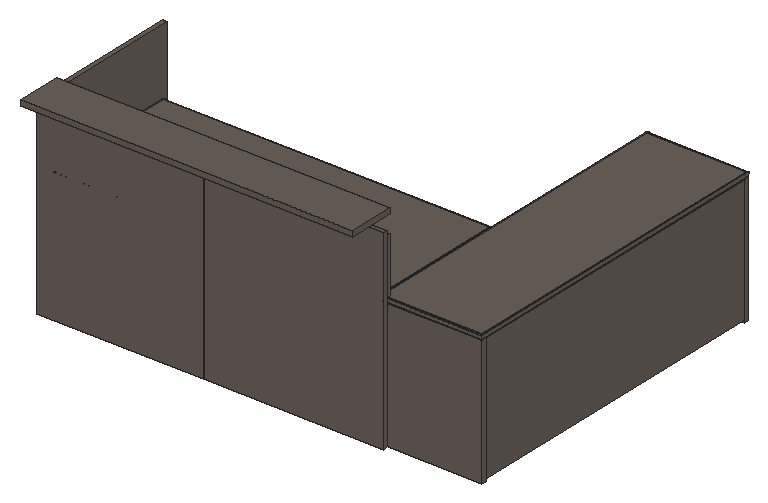
Revit family "OFS TYPICAL T100184", category Furniture, Revit 2022
Family settings
  OmniClass Number = 23.40.20.00
  OmniClass Title = General Furniture and Specialties
  Work Plane-Based = No
  Always vertical = Yes
  Cut with Voids When Loaded = No
  Render Appearance Source = Family Geometry
  Shared = No
  Room Calculation Point = No
Parameters (values of type "T100184")
  URL = "https://ofs.com/"
  Model = "T100184"
  Manufacturer = "OFS"
  Description = "OFS TYPICAL T100184"
  Default Elevation = 0.00"
  Copyright © = "©OFS 2021"
  Catalog = "https://ofs.com/2020-experience"
  Authoring Version = "Autodesk Revit Architecture 2015"
  Assembly Code = "E2020400"
Reference planes (in)
  plane 1 "Center Front/Back": y = 0
  plane 2: z = 0
  plane 3 "Center Left/Right": x = 0
Dimensions and locks (in)
  nested 9 to nested 7 = 74.00"
  aligned and locked: level to plane 2
Nested families (in)
  nested 1: "STAKS END PANELS" at (52, -30.70979, 0), type "STAKS END PANEL 28 X 22"
  nested 2: "STAKS END PANELS" at (52, 40.29021, 0), type "STAKS END PANEL 28 X 22"
  nested 3: "STAKS BACK SUPPORT PANEL" at (57.12535, 8.41556, 0.53663) x (0, 1, 0) z (0, 0, 1), type "STAKS BACK SUPPORT PANEL 78 - 54.125 X 28"
    with Width 70.00"
  nested 4: "STAKS BENCHING RECTANGULAR WORKSURFACES" at (32.66635, -37.63942, 0) x (0, 1, 0) z (0, 0, 1), type "STAKS BENCHING RECTANGULAR WORKSURFACE 72 X 22"
  nested 5: "STAKS BENCHING RECTANGULAR WORKSURFACES" at (-44.05498, 1.74921, 0), type "STAKS BENCHING RECTANGULAR WORKSURFACE 71 X 30"
    with SURFACE DEPTH 30.00", SURFACE WIDTH 71.00"
  nested 6: "STAKS WORKSURFACE HEIGHT MULTI FILE PEDESTAL - NO RISER SUPPORT" at (33.99397, 46.89268, 0) x (0, -1, 0) z (0, 0, 1), type "STAKS WORKSURFACE HEIGHT MULTI FILE PEDESTAL 30 x 19 Left"
  nested 7: "STAKS SPINE OR DIVIDER WALL 42in" at (-40.83365, -37.63942, 0) x (0, 1, 0) z (0, 0, 1), type "STAKS SPINE OR DIVIDER WALL 42in X 33in"
    with Height Above Floor 42.00"
  nested 8: "STAKS SPINE OR DIVIDER WALL 42in" at (-46.55498, -28.25079, 0), type "STAKS SPINE OR DIVIDER WALL 42in X 36in"
    with Height Above Floor 42.00"
  nested 9: "STAKS SPINE OR DIVIDER WALL 42in" at (-10.55498, -28.25079, 0), type "STAKS SPINE OR DIVIDER WALL 42in X 39in"
    with Height Above Floor 42.00"
  nested 10: "STAKS TRANSACTION SHELF" at (13.50946, -28.45977, -5.38188), type "STAKS TRANSACTION SHELF 72in"
  nested 11: "STAKS BENCHING 4 X 4 CLAMP PLATE" at (51, -8.61604, 0), type "STAKS BENCHING 4 X 4 CLAMP PLATE"
  nested 12: "STAKS BENCHING 4 X 4 CLAMP PLATE" at (51, -17.11604, 0), type "STAKS BENCHING 4 X 4 CLAMP PLATE"
  nested 13: "STAKS BENCHING 4 X 4 CLAMP PLATE" at (51, -25.61604, 0), type "STAKS BENCHING 4 X 4 CLAMP PLATE"
  nested 14: "STAKS FABRIC TACKBOARD FOR SPINE OR DIVIDER WALL" at (-45.55498, -27.62569, -6.37394), type "STAKS FABRIC TACKBOARD FOR SPINE OR DIVIDER WALL 18H x 49-73.9375W. 2"
    with Height Above Floor 47.50", Height 12.00", Width 74.00"
  nested 15: "STAKS BENCHING CANTILEVER WORKSURFACE BRACKET - OPEN" at (-16.5, -27.20909, 0) x (-1, 0, 0) z (0, 0, 1), type "CANTILEVER WORKSURFACE BRACKET - OPEN 30in"
  nested 16: "STAKS BENCHING CANTILEVER WORKSURFACE BRACKET - OPEN" at (12, -27.20909, 0) x (-1, 0, 0) z (0, 0, 1), type "CANTILEVER WORKSURFACE BRACKET - OPEN 30in"
  nested 17: "STAKS BENCHING PRESS FIT BRACKET" at (-1.12465, -14.08444, 14.25) x (0, 1, 0) z (0, 0, 1), type "STAKS BENCHING PRESS FIT BRACKET"
  nested 18: "STAKS BENCHING PRESS FIT BRACKET" at (16.87535, -14.08444, 14.25) x (0, 1, 0) z (0, 0, 1), type "STAKS BENCHING PRESS FIT BRACKET"
  nested 19: "STAKS BENCHING PRESS FIT BRACKET" at (-19.12465, -14.08444, 14.25) x (0, 1, 0) z (0, 0, 1), type "STAKS BENCHING PRESS FIT BRACKET"
  nested 20: "STAKS BENCHING CANTILEVER WORKSURFACE BRACKET - MINI CONCEALED" at (-49.25, -27.20909, 0) x (-1, 0, 0) z (0, 0, 1), type "STAKS CANTILEVER WORKSURFACE BRACKET - MINI CONCEALED"
  nested 21: "STAKS BENCHING CANTILEVER WORKSURFACE BRACKET - MINI CONCEALED" at (-35.12021, 12.66556, 0) x (0, 1, 0) z (0, 0, 1), type "STAKS CANTILEVER WORKSURFACE BRACKET - MINI CONCEALED"
Definition of nested family "STAKS END PANELS"
  Parameters (values of type "STAKS END PANEL 28 X 22")
    URL = "http://www.ofs.com"
    Width = 22.00"
    Model = "6-2822TEP"
    Manufacturer = "OFS"
    Height = 27.875"
    Description = "28 X 22 SUPPORT END PANEL"
    Default Elevation = 0.00"
    Copyright © = "©OFS 2018"
    Catalog = "https://ofs.com/products/casegoods/private-office/staks"
    Authoring Version = "Autodesk Revit Architecture 2018"
    Assembly Code = "E2020200"
  Types (6): name | Width | Model | Height | Description
    STAKS END PANEL 28 X 22 | 22.00" | "6-2822TEP" | 27.875" | "28 X 22 SUPPORT END PANEL"
    STAKS END PANEL 28 X 30 | 30.00" | "6-2830TEP" | 27.875" | "28 X 30 SUPPORT END PANEL"
    STAKS END PANEL 28 X 36 | 36.00" | "6-2836TEP" | 27.875" | "28 X 36 SUPPORT END PANEL"
    STAKS END PANEL 28 X 22 MEP | 22.00" | "6-2822MEP" | 27.875" | "28 X 22 SUPPORT END PANEL MEP"
    STAKS END PANEL 21 x 22 | 22.00" | "6-2122TEP" | 21.875" | "21 X 22 SUPPORT END PANEL"
    STAKS END PANEL 21 X 22 MEP | 22.00" | "6-2122MEP" | 21.875" | "21 X 22 SUPPORT END PANEL MEP"
  Reference planes (in)
    plane 1: z = 0
    plane 2 "Back": y = 1.62535
    plane 3 "PANEL Top": z = 27.375
    plane 4 "RIGHT": x = -6.5
    plane 5: y = 0.62535
    plane 6: x = 4.5
    plane 7: x = -17.5
    plane 8: z = 27.875
    plane 9: x = 4.375
    plane 10: x = -17.375
  Forms (in)
    Extrusion 1, solid
      sketch origin (-5.5, 5, -0.18015) x (0, 1, 0) y (0, 0, 1)
        loop
          line (-4.37465, 28.05515) -> (-4.37465, 0.18015) -> (-3.37465, 0.18015) -> (-3.37465, 28.05515) -> (-4.37465, 28.05515)
      from -12 to 10
    Extrusion 2, solid
      sketch origin (0, 0, 27.375) x (-1, 0, 0) y (0, -1, 0)
        loop
          line (17.375, -1.50035) -> (17.375, -0.75035) -> (-4.375, -0.75035) -> (-4.375, -1.50035) -> (17.375, -1.50035)
      from 0.5 to 0
  Lines and regions (in)
    Masking region 1
      outline origin (-5.5, 0, 0) x (1, 0, 0) y (0, 1, 0)
        loop
          line (-12, 1.62535) -> (-12, 0.62535) -> (10, 0.62535) -> (10, 1.62535) -> (-12, 1.62535)
  Dimensions and locks (in)
    locked: plane 5 to plane 2 "Back" at 1
    equal spacing: plane 7, plane 4 "RIGHT", plane 6
    "Width": plane 7 to plane 6
    locked: plane 7 to plane 10 at 0.125
    locked: plane 9 to plane 6 at 0.125
    "Height": plane 8 to level
    locked: plane 8 to plane 3 "PANEL Top" at 0.5
    aligned and locked: level to plane 1
    aligned and locked: plane 5 to Extrusion 1
    aligned and locked: plane 5 to Masking region 1
    aligned and locked: Masking region 1 to plane 2 "Back"
    aligned and locked: Extrusion 1 to plane 2 "Back"
    aligned and locked: plane 6 to Masking region 1
    aligned and locked: plane 6 to Extrusion 1
    aligned and locked: Extrusion 1 to plane 7
    aligned and locked: Masking region 1 to plane 7
    aligned: plane 3 "PANEL Top" to Extrusion 1
    aligned and locked: plane 8 to Extrusion 1
    aligned and locked: Extrusion 2 sketch curve to plane 10
    aligned and locked: plane 9 to Extrusion 2 sketch curve
    aligned and locked: Extrusion 2 to plane 8
    aligned and locked: plane 3 "PANEL Top" to Extrusion 2
  Automatic sketch dimensions
    plane 3 "PANEL Top" to Extrusion 1 sketch curve = 0.50"
    Extrusion 1 sketch curve to plane 5 = 0.00"
    Extrusion 1 sketch curve to level = 0.00"
    Extrusion 1 sketch curve to plane 2 "Back" = 0.00"
    plane 5 to Masking region 1 sketch curve = 0.00"
    Masking region 1 sketch curve to plane 7 = 0.00"
    plane 2 "Back" to Masking region 1 sketch curve = 0.00"
    Masking region 1 sketch curve to plane 6 = 0.00"
    plane 2 "Back" to Extrusion 2 sketch curve = 0.125"
    Extrusion 2 sketch curve to plane 5 = 0.125"
Definition of nested family "STAKS BACK SUPPORT PANEL"
  Parameters (values of type "STAKS BACK SUPPORT PANEL WITH FOLD DOWN ACCESS 30 - 12 X 28")
    URL = "http://www.ofs.com"
    Width [instance] = 30.00"
    Model = "6-28MFBD"
    Manufacturer = "OFS"
    FULL PANEL 21 = no
    FULL PANEL = no
    FOLD DOWN 54.125+ = no
    FOLD DOWN 54- = yes
    Description = "OFS STAKS BACK SUPPORT PANEL WITH FOLD DOWN ACCESS 30 - 12 X 28, Provides Support for Worksurface and Easy Access to Power and Data"
    Default Elevation = 0.00"
    Copyright © = "©OFS 2018"
    Catalog = "https://ofs.com/products/casegoods/private-office/staks"
    Authoring Version = "Autodesk Revit Architecture 2013"
    Assembly Code = "E2020200"
  Types (12): name | Width | Model | FULL PANEL 21 | FULL PANEL | FOLD DOWN 54.125+ | FOLD DOWN 54- | Description
    STAKS BACK SUPPORT PANEL 94 - 78.125 X 28 | 94.00" | "6-28MCBA" | no | yes | no | no | "OFS STAKS BACK SUPPORT PANEL 94 - 78.125 X 28, Provides Support for Worksurface"
    STAKS BACK SUPPORT PANEL 78 - 54.125 X 28 | 78.00" | "6-28MCBB" | no | yes | no | no | "OFS STAKS BACK SUPPORT PANEL 78 - 54.125 X 28, Provides Support for Worksurface"
    STAKS BACK SUPPORT PANEL 54 - 30.125 X 28 | 54.00" | "6-28MCBC" | no | yes | no | no | "OFS STAKS BACK SUPPORT PANEL 54 - 30.125 X 28, Provides Support for Worksurface"
    STAKS BACK SUPPORT PANEL 30 - 12 X 28 | 30.00" | "6-28MCBD" | no | yes | no | no | "OFS STAKS BACK SUPPORT PANEL 30 - 12 X 28, Provides Support for Worksurface"
    STAKS BACK SUPPORT PANEL WITH FOLD DOWN ACCESS 94 - 78.125 X 28 | 94.00" | "6-28MFBA" | no | no | yes | no | "OFS STAKS BACK SUPPORT PANEL WITH FOLD DOWN ACCESS 94 - 78.125 X 28, Provides Support for Worksurface and Easy Access to Power and Data"
    STAKS BACK SUPPORT PANEL WITH FOLD DOWN ACCESS 78 - 54.125 X 28 | 78.00" | "6-28MFBB" | no | no | yes | no | "OFS STAKS BACK SUPPORT PANEL WITH FOLD DOWN ACCESS 78 - 54.125 X 28, Provides Support for Worksurface and Easy Access to Power and Data"
    STAKS BACK SUPPORT PANEL WITH FOLD DOWN ACCESS 54 - 30.125 X 28 | 54.00" | "6-28MFBC" | no | no | no | yes | "OFS STAKS BACK SUPPORT PANEL WITH FOLD DOWN ACCESS 54 - 30.125 X 28, Provides Support for Worksurface and Easy Access to Power and Data"
    STAKS BACK SUPPORT PANEL WITH FOLD DOWN ACCESS 30 - 12 X 28 | 30.00" | "6-28MFBD" | no | no | no | yes | "OFS STAKS BACK SUPPORT PANEL WITH FOLD DOWN ACCESS 30 - 12 X 28, Provides Support for Worksurface and Easy Access to Power and Data"
    STAKS BACK SUPPORT PANEL 30 - 12 X 21 | 30.00" | "6-21MCBD" | yes | no | no | no | "OFS STAKS BACK SUPPORT PANEL 30 - 12 X 21, Provides Support for Worksurface"
    STAKS BACK SUPPORT PANEL 54 - 30.125 X 21 | 54.00" | "6-21MCBC" | yes | no | no | no | "OFS STAKS BACK SUPPORT PANEL 54 - 30.125 X 21, Provides Support for Worksurface"
    STAKS BACK SUPPORT PANEL 78 - 54.125 X 21 | 78.00" | "6-21MCBB" | yes | no | no | no | "OFS STAKS BACK SUPPORT PANEL 78 - 54.125 X 21, Provides Support for Worksurface"
    STAKS BACK SUPPORT PANEL 94 - 78.125 X 21 | 94.00" | "6-21MCBA" | yes | no | no | no | "OFS STAKS BACK SUPPORT PANEL 94 - 78.125 X 21, Provides Support for Worksurface"
  Reference planes (in)
    plane 1: z = 0
    plane 2 "Back": y = 1.62535
    plane 3 "PANEL Top": z = 27.375
    plane 4 "RIGHT": x = -2.5
    plane 5: y = 0.62535
    plane 6: x = 12.5
    plane 7: x = -17.5
    plane 8: z = 27.25
    plane 9: y = 0.87535
    plane 10: x = -16.75
    plane 11: x = 11.75
    plane 12: x = -2.4375
    plane 13: x = -2.5625
    plane 14: z = 20.375
    plane 15: z = 20.25
  Forms (in)
    Extrusion 1, solid, visible <- "FULL PANEL"
      sketch origin (-5.5, 5, -0.18015) x (0, 1, 0) y (0, 0, 1)
        loop
          line (-4.37465, 27.43015) -> (-4.37465, 0.18015) -> (-3.37465, 0.18015) -> (-3.37465, 27.43015) -> (-4.37465, 27.43015)
      from -12 to 18
    Extrusion 2, solid, visible <- "FULL PANEL"
      sketch origin (0, 0, 27.375) x (-1, 0, 0) y (0, -1, 0)
        loop
          line (17.5, -1.50035) -> (17.5, -0.62535) -> (-12.5, -0.62535) -> (-12.5, -1.50035) -> (17.5, -1.50035)
      from -0.125 to 0
    Extrusion 3, solid, visible <- "FOLD DOWN 54-"
      sketch origin (-5.5, 3.5, -0.18015) x (0, 1, 0) y (0, 0, 1)
        loop
          line (-2.62465, 14.68015) -> (-2.62465, 0.18015) -> (-1.87465, 0.18015) -> (-1.87465, 14.68015) -> (-2.62465, 14.68015)
      from -12 to 18
    Extrusion 4, solid, visible <- "FOLD DOWN 54-"
      sketch origin (0, 0, 27.375) x (-1, 0, 0) y (0, -1, 0)
        loop
          line (17.5, -1.62535) -> (16.75, -1.62535) -> (16.75, -4.87535) -> (17.5, -4.87535) -> (17.5, -1.62535)
      from -27.375 to 0
    Extrusion 5, solid, visible <- "FOLD DOWN 54-"
      sketch origin (19.75, 0, 27.375) x (-1, 0, 0) y (0, -1, 0)
        loop
          line (8, -1.62535) -> (7.25, -1.62535) -> (7.25, -4.87535) -> (8, -4.87535) -> (8, -1.62535)
      from -27.375 to 0
    Extrusion 6, solid, visible <- "FOLD DOWN 54-"
      sketch origin (-5.5, 3.5, 14.94485) x (0, 1, 0) y (0, 0, 1)
        loop
          line (-2.62465, 11.86765) -> (-2.62465, -0.31866) -> (-1.87465, -0.31866) -> (-1.87465, 11.86765) -> (-2.62465, 11.86765)
      from -12 to 18
    Extrusion 7, solid, visible <- "FOLD DOWN 54-"
      sketch origin (-12, 0, 0) x (0, 1, 0) y (0, 0, 1)
        loop
          line (3.06285, 23.8125) -> (3.06285, 21.3125) -> (3.81285, 21.3125) -> (3.81285, 23.8125) -> (3.06285, 23.8125)
      from -4.75 to 23.75
    Extrusion 8, solid, visible <- "FOLD DOWN 54.125+"
      sketch origin (31.33195, -1.24965, 0) x (1, 0, 0) y (0, 0, 1)
        loop
          line (-33.34745, 27.375) -> (-34.97245, 27.375)
          arc (-34.97245, 27.375) -> (-35.10503, 27.32008) -> (-35.15995, 27.1875) r 0.1875
          line (-35.15995, 27.1875) -> (-35.15995, 26.4375) -> (-34.68651, 23.65604)
          arc (-34.68651, 23.65604) -> (-34.62261, 23.54423) -> (-34.50166, 23.5) r 0.1875
          line (-34.50166, 23.5) -> (-33.81823, 23.5)
          arc (-33.81823, 23.5) -> (-33.69728, 23.54423) -> (-33.63339, 23.65604) r 0.1875
          line (-33.63339, 23.65604) -> (-33.15995, 26.4375) -> (-33.15995, 27.1875)
          arc (-33.15995, 27.1875) -> (-33.21486, 27.32008) -> (-33.34745, 27.375) r 0.1875
      from -5.375 to -5.281
    Extrusion 9, solid, visible <- "FOLD DOWN 54.125+"
      sketch origin (31.33195, 0, 27.375) x (-1, 0, 0) y (0, -1, 0)
        loop
          line (33.78495, -4.03135) -> (34.53495, -4.03135) -> (34.53495, 8.71865) -> (33.78495, 8.71865) -> (33.78495, -4.03135)
      from -0.094 to 0
    Extrusion 10, solid, visible <- "FOLD DOWN 54.125+"
      sketch origin (-2.547, 5.375, 0) x (0, 1, 0) y (0, 0, 1)
        loop
          line (-14.09365, 27.281) -> (-14.09365, 26.95909)
          arc (-14.09365, 26.95909) -> (-14.0421, 26.82996) -> (-13.9158, 26.77184) r 0.1875
          line (-13.9158, 26.77184) -> (-2.68889, 26.19362) -> (-1.84365, 24.381) -> (-1.34365, 24.381) -> (-1.34365, 27.281) -> (-14.09365, 27.281)
      from 0 to 0.094
    Extrusion 11, solid, visible <- "FOLD DOWN 54.125+"
      sketch origin (0.75035, 21.62535, 27.375) x (0, -1, 0) y (1, 0, 0)
        loop
          line (17.5, -1.62535) -> (16.75, -1.62535) -> (16.75, -4.87535) -> (17.5, -4.87535) -> (17.5, -1.62535)
      from -27.375 to 0
    Extrusion 12, solid, visible <- "FOLD DOWN 54.125+"
      sketch origin (-12, -1, 0) x (0, 1, 0) y (0, 0, 1)
        loop
          line (4.06285, 23.8125) -> (4.06285, 21.3125) -> (4.81285, 21.3125) -> (4.81285, 23.8125) -> (4.06285, 23.8125)
      from -4.75 to 23.75
    Extrusion 13, solid, visible <- "FOLD DOWN 54.125+"
      sketch origin (3, -1, 0) x (0, 1, 0) y (0, 0, 1)
        loop
          line (4.06285, 23.8125) -> (4.06285, 21.3125) -> (4.81285, 21.3125) -> (4.81285, 23.8125) -> (4.06285, 23.8125)
      from -5.125 to 8.75
    Extrusion 14, solid, visible <- "FOLD DOWN 54.125+"
      sketch origin (14.625, 0, 15.375) x (-1, 0, 0) y (0, -1, 0)
        loop
          line (17.5, -1.62535) -> (16.75, -1.62535) -> (16.75, -4.12535) -> (17.5, -4.12535) -> (17.5, -1.62535)
      from -15.375 to -2
    Extrusion 15, solid, visible <- "FOLD DOWN 54.125+"
      sketch origin (-5.5, 2.25, 14.94485) x (0, 1, 0) y (0, 0, 1)
        loop
          line (-1.37465, 11.86765) -> (-1.37465, -0.31866) -> (-0.62465, -0.31866) -> (-0.62465, 11.86765) -> (-1.37465, 11.86765)
      from 3.0625 to 18
    Extrusion 16, solid, visible <- "FOLD DOWN 54.125+"
      sketch origin (-21.5, 2.25, 14.94485) x (0, 1, 0) y (0, 0, 1)
        loop
          line (-1.37465, 11.86765) -> (-1.37465, -0.31866) -> (-0.62465, -0.31866) -> (-0.62465, 11.86765) -> (-1.37465, 11.86765)
      from 4 to 18.9375
    Extrusion 17, solid, visible <- "FOLD DOWN 54.125+"
      sketch origin (-5.5, -3.75, -0.18015) x (0, 1, 0) y (0, 0, 1)
        loop
          line (4.62535, 14.68015) -> (4.62535, 0.18015) -> (5.37535, 0.18015) -> (5.37535, 14.68015) -> (4.62535, 14.68015)
      from -12 to 18
    Extrusion 18, solid, visible <- "FOLD DOWN 54.125+"
      sketch origin (23.42705, 0, 27.375) x (-1, 0, 0) y (0, -1, 0)
        loop
          line (11.67705, -1.62535) -> (10.92705, -1.62535) -> (10.92705, -4.87535) -> (11.67705, -4.87535) -> (11.67705, -1.62535)
      from -27.375 to 0
    Extrusion 19, solid, visible <- "FOLD DOWN 54.125+"
      sketch origin (2.62389, 0, 27.375) x (-1, 0, 0) y (0, -1, 0)
        loop
          line (20.12389, -1.62535) -> (19.37389, -1.62535) -> (19.37389, -4.87535) -> (20.12389, -4.87535) -> (20.12389, -1.62535)
      from -27.375 to 0
    Extrusion 20, solid, visible <- "FOLD DOWN 54.125+"
      sketch origin (0, 0, 27.375) x (-1, 0, 0) y (0, -1, 0)
        loop
          line (2.875, -1.62535) -> (2.125, -1.62535) -> (2.125, -3.12535) -> (2.875, -3.12535) -> (2.875, -1.62535)
      from -14 to -12
    Extrusion 21, solid, visible <- "FOLD DOWN 54.125+"
      sketch origin (0, 0, 27.375) x (-1, 0, 0) y (0, -1, 0)
        loop
          line (2.125, -4.12535) -> (2.875, -4.12535) -> (2.875, -1.62535) -> (2.125, -1.62535) -> (2.125, -4.12535)
      from -12 to -3.5625
    Extrusion 22, solid, visible <- "FULL PANEL 21"
      sketch origin (-5.5, 5, -0.18015) x (0, 1, 0) y (0, 0, 1)
        loop
          line (-4.37465, 20.43015) -> (-4.37465, 0.18015) -> (-3.37465, 0.18015) -> (-3.37465, 20.43015) -> (-4.37465, 20.43015)
      from -12 to 18
    Extrusion 23, solid, visible <- "FULL PANEL 21"
      sketch origin (0, 0, 27.375) x (-1, 0, 0) y (0, -1, 0)
        loop
          line (17.5, -1.50035) -> (17.5, -0.62535) -> (-12.5, -0.62535) -> (-12.5, -1.50035) -> (17.5, -1.50035)
      from -7.125 to -7
  Cuts and joins
    joined: Extrusion 9, Extrusion 10
    joined: Extrusion 14, Extrusion 20, Extrusion 21
  Lines and regions (in)
    Masking region 1, visible <- "FULL PANEL"
      outline origin (-5.5, 0, 0) x (1, 0, 0) y (0, 1, 0)
        loop
          line (-12, 1.62535) -> (-12, 0.62535) -> (18, 0.62535) -> (18, 1.62535) -> (-12, 1.62535)
    Masking region 2, visible <- "FOLD DOWN 54-"
      outline origin (-5.5, -2.25, 0) x (1, 0, 0) y (0, 1, 0)
        loop
          line (-12, 3.87535) -> (-12, 3.12535) -> (18, 3.12535) -> (18, 3.87535) -> (-12, 3.87535)
    Masking region 3, visible <- "FOLD DOWN 54-"
      outline origin (0, 0, 27.375) x (-1, 0, 0) y (0, -1, 0)
        loop
          line (17.5, -1.62535) -> (16.75, -1.62535) -> (16.75, -4.87535) -> (17.5, -4.87535) -> (17.5, -1.62535)
    Masking region 4, visible <- "FOLD DOWN 54-"
      outline origin (0, 0, 27.375) x (-1, 0, 0) y (0, -1, 0)
        loop
          line (-11.75, -1.62535) -> (-12.5, -1.62535) -> (-12.5, -4.87535) -> (-11.75, -4.87535) -> (-11.75, -1.62535)
    Masking region 5, visible <- "FOLD DOWN 54-"
      outline origin (0, 0, 27.375) x (-1, 0, 0) y (0, -1, 0)
        loop
          line (16.75, -3.81285) -> (16.75, -3.06285) -> (-11.75, -3.06285) -> (-11.75, -3.81285) -> (16.75, -3.81285)
    Masking region 6, visible <- "FOLD DOWN 54.125+"
      outline origin (0.75035, 21.62535, 27.375) x (0, -1, 0) y (1, 0, 0)
        loop
          line (17.5, -1.62535) -> (16.75, -1.62535) -> (16.75, -4.87535) -> (17.5, -4.87535) -> (17.5, -1.62535)
    Masking region 7, visible <- "FOLD DOWN 54.125+"
      outline origin (0, -1, 27.375) x (-1, 0, 0) y (0, -1, 0)
        loop
          line (16.75, -4.81285) -> (16.75, -4.06285) -> (3.203, -4.06285) -> (3.203, -4.81285) -> (16.75, -4.81285)
    Masking region 8, visible <- "FOLD DOWN 54.125+"
      outline origin (15, -1, 27.375) x (-1, 0, 0) y (0, -1, 0)
        loop
          line (17.125, -4.81285) -> (17.125, -4.06285) -> (3.25, -4.06285) -> (3.25, -4.81285) -> (17.125, -4.81285)
    Masking region 9, visible <- "FOLD DOWN 54.125+"
      outline origin (3.67705, 0, 27.375) x (-1, 0, 0) y (0, -1, 0)
        loop
          line (-8.07295, -1.62535) -> (-8.82295, -1.62535) -> (-8.82295, -4.87535) -> (-8.07295, -4.87535) -> (-8.07295, -1.62535)
    Masking region 10, visible <- "FOLD DOWN 54.125+"
      outline origin (1.37389, 0, 27.375) x (-1, 0, 0) y (0, -1, 0)
        loop
          line (18.87389, -1.62535) -> (18.12389, -1.62535) -> (18.12389, -4.87535) -> (18.87389, -4.87535) -> (18.87389, -1.62535)
    Masking region 11, visible <- "FOLD DOWN 54.125+"
      outline origin (0, 0, 27.375) x (-1, 0, 0) y (0, -1, 0)
        loop
          line (2.125, -4.12535) -> (2.453, -4.12535) -> (2.453, -1.62535) -> (2.125, -1.62535) -> (2.125, -4.12535)
    Masking region 12, visible <- "FOLD DOWN 54.125+"
      outline origin (0, 0, 27.375) x (-1, 0, 0) y (0, -1, 0)
        loop
          line (3.828, -4.12535) -> (3.828, -4.03135) -> (3.203, -4.03135) -> (3.203, 8.71865) -> (2.453, 8.71865) -> (2.453, -4.03135) -> (1.828, -4.03135) -> (1.828, -4.12535) -> (3.828, -4.12535)
    Masking region 13, visible <- "FOLD DOWN 54.125+"
      outline origin (-5.5, -10.25, 0) x (1, 0, 0) y (0, 1, 0)
        loop
          line (-12, 11.87535) -> (-12, 11.12535) -> (18, 11.12535) -> (18, 11.87535) -> (-12, 11.87535)
  Dimensions and locks (in)
    locked: plane 3 "PANEL Top" to plane 1 at 27.375
    locked: plane 5 to plane 2 "Back" at 1
    equal spacing: plane 7, plane 4 "RIGHT", plane 6
    "Width": plane 7 to plane 6
    locked: plane 9 to plane 2 "Back" at 0.75
    locked: plane 2 "Back" to Extrusion 4 at 3.25
    locked: Extrusion 3 to plane 1 at 14.5
    locked: Extrusion 6 to Extrusion 3 at 0.12619
    locked: Extrusion 6 to Extrusion 6 at 12.18631
    locked: plane 7 to plane 10 at 0.75
    locked: plane 11 to plane 6 at 0.75
    locked: plane 3 "PANEL Top" to Extrusion 7 at 3.5625
    locked: Extrusion 7 to Extrusion 7 at 0.75
    locked: Extrusion 4 to Extrusion 7 at 1.0625
    Extrusion 11 to plane 4 "RIGHT" to Extrusion 11 = 1.625" locked, 1.625" locked
    locked: Extrusion 12 to Extrusion 12 at 0.75
    locked: Extrusion 13 to Extrusion 13 at 0.75
    locked: plane 13 to plane 4 "RIGHT" at 0.0625
    locked: plane 4 "RIGHT" to plane 12 at 0.0625
    locked: Extrusion 16 to Extrusion 16 at 12.18631
    locked: Extrusion 8 to Extrusion 8 at 0.094
    locked: Extrusion 11 to Extrusion 8 at 0.297
    locked: Extrusion 8 to Extrusion 11 at 0.953
    cut or joined group of Extrusion 9, Extrusion 10 to plane 4 "RIGHT" to cut or joined group of Extrusion 9, Extrusion 10 = 0.047" locked, 0.047" locked
    locked: cut or joined group of Extrusion 9, Extrusion 10 to cut or joined group of Extrusion 9, Extrusion 10 at 0.75
    Extrusion 14 to plane 4 "RIGHT" to Extrusion 14 = 0.375" locked, 0.375" locked
    locked: cut or joined group of Extrusion 9, Extrusion 10 to Extrusion 8 at 12.75
    plane 7 to plane 4 "RIGHT" to plane 6 = 15.00", 15.00"
    aligned and locked: level to plane 1
    aligned and locked: plane 5 to Extrusion 1
    aligned and locked: plane 5 to Masking region 1
    aligned and locked: Masking region 1 to plane 2 "Back"
    aligned and locked: Extrusion 1 to plane 2 "Back"
    aligned and locked: plane 6 to Masking region 1
    aligned and locked: plane 6 to Extrusion 1
    aligned and locked: Extrusion 1 to plane 7
    aligned and locked: Masking region 1 to plane 7
    aligned: plane 3 "PANEL Top" to Extrusion 1
    aligned and locked: plane 8 to Extrusion 1
    aligned and locked: Extrusion 2 to plane 8
    aligned and locked: plane 3 "PANEL Top" to Extrusion 2
    aligned and locked: plane 5 to Extrusion 2 sketch curve
    aligned and locked: plane 6 to Extrusion 2 sketch curve
    aligned and locked: Extrusion 2 sketch curve to plane 7
    aligned and locked: Extrusion 3 to plane 7
    aligned and locked: Masking region 2 to plane 7
    aligned and locked: plane 6 to Extrusion 3
    aligned and locked: plane 6 to Masking region 2
    aligned and locked: Extrusion 3 to plane 2 "Back"
    aligned and locked: plane 9 to Extrusion 3
    aligned and locked: Masking region 2 to plane 2 "Back"
    aligned and locked: plane 9 to Masking region 2
    aligned and locked: plane 10 to Extrusion 4 sketch curve
    aligned and locked: Extrusion 4 sketch curve to plane 7
    aligned and locked: plane 2 "Back" to Extrusion 4
    aligned and locked: plane 2 "Back" to Extrusion 5
    aligned and locked: plane 6 to Extrusion 5 sketch curve
    aligned and locked: Extrusion 5 sketch curve to plane 11
    aligned and locked: plane 2 "Back" to Extrusion 5 sketch curve
    aligned and locked: Extrusion 5 sketch curve to Extrusion 4
    aligned and locked: Extrusion 4 to plane 1
    aligned and locked: plane 3 "PANEL Top" to Extrusion 4
    aligned and locked: Extrusion 5 to plane 1
    aligned and locked: plane 3 "PANEL Top" to Extrusion 5
    aligned and locked: Extrusion 6 to plane 7
    aligned and locked: plane 6 to Extrusion 6
    aligned and locked: Extrusion 7 to plane 10
    aligned and locked: plane 11 to Extrusion 7
    aligned and locked: Extrusion 9 sketch curve to Extrusion 8
    aligned and locked: plane 3 "PANEL Top" to Extrusion 9
    aligned and locked: Extrusion 10 to Extrusion 9
    aligned and locked: Extrusion 12 to plane 10
    aligned and locked: plane 10 to Extrusion 12
    aligned and locked: Extrusion 12 to Extrusion 7
    aligned and locked: Extrusion 12 to Masking region 7
    aligned and locked: Masking region 7 to Extrusion 12
    aligned and locked: plane 11 to Extrusion 13
    aligned and locked: plane 11 to Masking region 8
    aligned and locked: Extrusion 13 to Extrusion 7
    aligned and locked: Extrusion 13 to Masking region 8
    aligned and locked: Masking region 8 to Extrusion 13
    aligned and locked: Extrusion 14 to Extrusion 11
    aligned and locked: plane 2 "Back" to Extrusion 14
    aligned and locked: Extrusion 14 to plane 1
    aligned and locked: plane 6 to Extrusion 15
    aligned and locked: Extrusion 15 to plane 12
    aligned and locked: plane 13 to Extrusion 16
    aligned and locked: Extrusion 16 to plane 7
    aligned and locked: Extrusion 16 to plane 2 "Back"
    aligned and locked: Extrusion 15 to plane 2 "Back"
    aligned and locked: plane 9 to Extrusion 16
    aligned and locked: plane 9 to Extrusion 15
    aligned and locked: Extrusion 17 to plane 7
    aligned and locked: plane 6 to Extrusion 17
    aligned and locked: Extrusion 17 to plane 2 "Back"
    aligned and locked: plane 9 to Extrusion 17
    aligned and locked: plane 2 "Back" to Extrusion 18  (x2)
    aligned and locked: plane 2 "Back" to Masking region 9
    aligned and locked: Extrusion 18 to plane 11
    aligned and locked: Masking region 9 to plane 11
    aligned and locked: plane 6 to Extrusion 18
    aligned and locked: plane 6 to Masking region 9
    aligned and locked: Extrusion 6 to plane 2 "Back"
    aligned and locked: plane 2 "Back" to Extrusion 19
    aligned and locked: Masking region 10 to plane 7
    aligned and locked: plane 10 to Masking region 10
    aligned and locked: Extrusion 19 to plane 7
    aligned and locked: plane 10 to Extrusion 19
    aligned and locked: Extrusion 8 to Extrusion 11
    aligned: cut or joined group of Extrusion 9, Extrusion 10 to cut or joined group of Extrusion 9, Extrusion 10
    aligned and locked: Extrusion 15 to Extrusion 16
    aligned and locked: Extrusion 16 to Extrusion 15
    aligned and locked: Extrusion 20 to Extrusion 14
    aligned and locked: Extrusion 21 to Extrusion 20
    aligned and locked: Extrusion 21 to Extrusion 12
    aligned and locked: Masking region 11 to cut or joined group of Extrusion 9, Extrusion 10
    aligned and locked: Extrusion 13 to cut or joined group of Extrusion 14, Extrusion 20, Extrusion 21
    aligned and locked: plane 11 to Extrusion 12
    aligned and locked: cut or joined group of Extrusion 14, Extrusion 20, Extrusion 21 to cut or joined group of Extrusion 14, Extrusion 20, Extrusion 21  (x2)
    aligned and locked: Masking region 13 to plane 7
    aligned and locked: plane 6 to Masking region 13
    aligned and locked: Masking region 13 to plane 2 "Back"
    aligned and locked: plane 9 to Masking region 13
    aligned and locked: Masking region 8 to Masking region 11
    aligned and locked: Masking region 7 to Masking region 12
    aligned and locked: plane 15 to Extrusion 22
    aligned and locked: Extrusion 23 to plane 15
    aligned and locked: plane 14 to Extrusion 23
  Automatic sketch dimensions
    Extrusion 1 sketch curve to plane 5 = 0.00"
    Extrusion 1 sketch curve to level = 0.00"
    Extrusion 1 sketch curve to plane 2 "Back" = 0.00"
    Extrusion 1 sketch curve to plane 8 = 0.00"
    plane 5 to Masking region 1 sketch curve = 0.00"
    Masking region 1 sketch curve to plane 7 = 0.00"
    plane 2 "Back" to Masking region 1 sketch curve = 0.00"
    Masking region 1 sketch curve to plane 6 = 0.00"
    plane 2 "Back" to Extrusion 2 sketch curve = 0.125"
    Masking region 2 sketch curve to plane 7 = 0.00"
    plane 2 "Back" to Masking region 2 sketch curve = 0.00"
    Masking region 2 sketch curve to plane 6 = 0.00"
    plane 9 to Masking region 2 sketch curve = 0.00"
    Extrusion 3 sketch curve to plane 9 = 0.00"
    Extrusion 3 sketch curve to level = 0.00"
    Extrusion 3 sketch curve to plane 2 "Back" = 0.00"
    Extrusion 3 sketch curve to plane 8 = 12.75"
    plane 2 "Back" to Extrusion 4 sketch curve = 0.00"
    Extrusion 4 sketch curve to Extrusion 4 sketch curve = 3.25"
    Extrusion 6 sketch curve to plane 9 = 0.00"
    Extrusion 6 sketch curve to plane 2 "Back" = 0.00"
    Extrusion 6 sketch curve to plane 8 = 12.62381"
    Extrusion 6 sketch curve to plane 8 = 0.4375"
    plane 2 "Back" to Masking region 3 sketch curve = 0.00"
    Masking region 3 sketch curve to plane 10 = 0.00"
    Masking region 3 sketch curve to plane 7 = 0.00"
    Masking region 3 sketch curve to Masking region 3 sketch curve = 3.25"
    plane 2 "Back" to Masking region 4 sketch curve = 0.00"
    Masking region 4 sketch curve to plane 6 = 0.00"
    Masking region 4 sketch curve to plane 11 = 0.00"
    Masking region 4 sketch curve to plane 2 "Back" = 3.25"
    Extrusion 7 sketch curve to plane 2 "Back" = 1.4375"
    Extrusion 7 sketch curve to Extrusion 7 sketch curve = 0.75"
    Extrusion 7 sketch curve to plane 8 = 5.9375"
    Extrusion 7 sketch curve to Extrusion 7 sketch curve = 2.50"
    Masking region 5 sketch curve to plane 11 = 0.00"
    Masking region 5 sketch curve to plane 10 = 0.00"
    Masking region 5 sketch curve to plane 2 "Back" = 2.1875"
    Masking region 5 sketch curve to Masking region 5 sketch curve = 0.75"
    Extrusion 8 sketch curve to plane 3 "PANEL Top" = 0.00"
    Extrusion 8 sketch curve to plane 13 = 1.2655"
    Extrusion 8 sketch curve to Extrusion 8 sketch curve = 0.1875"
    Extrusion 8 sketch curve to plane 13 = 0.79206"
    Extrusion 8 sketch curve to Extrusion 8 sketch curve = 0.18484"
    plane 4 "RIGHT" to Extrusion 8 sketch curve = 0.01372"
    plane 12 to Extrusion 8 sketch curve = 0.13606"
    plane 12 to Extrusion 8 sketch curve = 0.422"
    Extrusion 8 sketch curve to plane 8 = 0.0625"
    Extrusion 8 sketch curve to Extrusion 8 sketch curve = 0.75"  (x2)
    Extrusion 8 sketch curve to Extrusion 8 sketch curve = 2.75"
    Extrusion 8 sketch curve to Extrusion 8 sketch curve = 0.00"
    Extrusion 8 sketch curve to Extrusion 8 sketch curve = 0.03146"
    Extrusion 9 sketch curve to plane 12 = 0.0155"
    Extrusion 9 sketch curve to plane 13 = 0.6405"
    plane 5 to Extrusion 9 sketch curve = 9.344"
    Extrusion 10 sketch curve to plane 8 = 0.29091"
    plane 5 to Extrusion 10 sketch curve = 9.344"
    Extrusion 10 sketch curve to plane 8 = 0.47816"
    Extrusion 10 sketch curve to Extrusion 10 sketch curve = 0.17786"
    Extrusion 10 sketch curve to plane 2 "Back" = 1.06076"
    Extrusion 10 sketch curve to plane 2 "Back" = 1.906"
    Extrusion 10 sketch curve to Extrusion 10 sketch curve = 0.50"
    Extrusion 10 sketch curve to plane 8 = 1.05638"
    Extrusion 10 sketch curve to Extrusion 10 sketch curve = 1.81262"
    plane 8 to Extrusion 10 sketch curve = 0.031"
    plane 12 to Extrusion 11 sketch curve = 1.5625"
    Extrusion 11 sketch curve to plane 2 "Back" = 3.25"
    Extrusion 11 sketch curve to Extrusion 11 sketch curve = 0.75"
    Extrusion 11 sketch curve to plane 13 = 1.5625"
    plane 12 to Masking region 6 sketch curve = 1.5625"
    Masking region 6 sketch curve to plane 2 "Back" = 3.25"
    Masking region 6 sketch curve to Masking region 6 sketch curve = 0.75"
    Masking region 6 sketch curve to plane 13 = 1.5625"
    Extrusion 12 sketch curve to plane 2 "Back" = 1.4375"
    Extrusion 12 sketch curve to Extrusion 12 sketch curve = 0.75"
    Extrusion 12 sketch curve to plane 8 = 5.9375"
    Extrusion 12 sketch curve to Extrusion 12 sketch curve = 2.50"
    Masking region 7 sketch curve to plane 10 = 0.00"
    Masking region 7 sketch curve to plane 13 = 0.6405"
    Masking region 7 sketch curve to plane 2 "Back" = 2.1875"
    Masking region 7 sketch curve to Masking region 7 sketch curve = 0.75"
    Extrusion 13 sketch curve to plane 2 "Back" = 1.4375"
    Extrusion 13 sketch curve to Extrusion 13 sketch curve = 0.75"
    Extrusion 13 sketch curve to plane 8 = 5.9375"
    Extrusion 13 sketch curve to Extrusion 13 sketch curve = 2.50"
    Masking region 8 sketch curve to plane 11 = 0.00"
    plane 12 to Masking region 8 sketch curve = 0.3125"
    Masking region 8 sketch curve to plane 2 "Back" = 2.1875"
    Masking region 8 sketch curve to Masking region 8 sketch curve = 0.75"
    plane 2 "Back" to Extrusion 14 sketch curve = 0.00"
    plane 12 to Extrusion 14 sketch curve = 0.3125"
    Extrusion 14 sketch curve to plane 13 = 0.3125"
    Extrusion 14 sketch curve to Extrusion 14 sketch curve = 2.50"
    Extrusion 15 sketch curve to plane 9 = 0.00"
    Extrusion 15 sketch curve to plane 2 "Back" = 0.00"
    Extrusion 15 sketch curve to plane 8 = 12.62381"
    Extrusion 15 sketch curve to plane 8 = 0.4375"
    Extrusion 16 sketch curve to plane 9 = 0.00"
    Extrusion 16 sketch curve to plane 2 "Back" = 0.00"
    Extrusion 16 sketch curve to plane 8 = 12.62381"
    Extrusion 16 sketch curve to plane 8 = 0.4375"
    Extrusion 17 sketch curve to plane 9 = 0.00"
    Extrusion 17 sketch curve to level = 0.00"
    Extrusion 17 sketch curve to plane 2 "Back" = 0.00"
    Extrusion 17 sketch curve to plane 8 = 12.75"
    plane 2 "Back" to Extrusion 18 sketch curve = 0.00"
    Extrusion 18 sketch curve to plane 6 = 0.00"
    Extrusion 18 sketch curve to plane 11 = 0.00"
    Extrusion 18 sketch curve to Extrusion 18 sketch curve = 3.25"
    plane 2 "Back" to Masking region 9 sketch curve = 0.00"
    Masking region 9 sketch curve to plane 6 = 0.00"
    Masking region 9 sketch curve to plane 11 = 0.00"
    Masking region 9 sketch curve to plane 2 "Back" = 3.25"
    plane 2 "Back" to Extrusion 19 sketch curve = 0.00"
    Extrusion 19 sketch curve to plane 10 = 0.00"
    Extrusion 19 sketch curve to plane 7 = 0.00"
    Extrusion 19 sketch curve to Extrusion 19 sketch curve = 3.25"
    plane 2 "Back" to Masking region 10 sketch curve = 0.00"
    Masking region 10 sketch curve to plane 10 = 0.00"
    Masking region 10 sketch curve to plane 7 = 0.00"
    Masking region 10 sketch curve to Masking region 10 sketch curve = 3.25"
    plane 2 "Back" to Extrusion 20 sketch curve = 0.00"
    plane 12 to Extrusion 20 sketch curve = 0.3125"
    Extrusion 20 sketch curve to plane 13 = 0.3125"
    Extrusion 20 sketch curve to plane 2 "Back" = 1.50"
    plane 2 "Back" to Extrusion 21 sketch curve = 0.00"
    plane 12 to Extrusion 21 sketch curve = 0.3125"
    Extrusion 21 sketch curve to plane 13 = 0.3125"
    Extrusion 21 sketch curve to plane 2 "Back" = 2.50"
    plane 2 "Back" to Masking region 11 sketch curve = 0.00"
    plane 12 to Masking region 11 sketch curve = 0.3125"
    Masking region 11 sketch curve to plane 12 = 0.0155"
    Masking region 11 sketch curve to plane 2 "Back" = 2.50"
    plane 12 to Masking region 12 sketch curve = 0.6095"
    Masking region 12 sketch curve to plane 12 = 0.0155"
    Masking region 12 sketch curve to plane 13 = 0.6405"
    Masking region 12 sketch curve to Masking region 12 sketch curve = 0.625"
    Masking region 12 sketch curve to plane 2 "Back" = 2.50"
    Masking region 12 sketch curve to Masking region 12 sketch curve = 0.094"  (x2)
    plane 5 to Masking region 12 sketch curve = 9.344"
    Masking region 13 sketch curve to plane 7 = 0.00"
    plane 2 "Back" to Masking region 13 sketch curve = 0.00"
    Masking region 13 sketch curve to plane 6 = 0.00"
    plane 9 to Masking region 13 sketch curve = 0.00"
    Extrusion 22 sketch curve to plane 5 = 0.00"
    Extrusion 22 sketch curve to level = 0.00"
    Extrusion 22 sketch curve to plane 2 "Back" = 0.00"
    Extrusion 22 sketch curve to plane 8 = 7.00"
    Extrusion 23 sketch curve to plane 6 = 0.00"
    plane 5 to Extrusion 23 sketch curve = 0.00"
    Extrusion 23 sketch curve to plane 7 = 0.00"
    plane 2 "Back" to Extrusion 23 sketch curve = 0.125"
Definition of nested family "STAKS BENCHING RECTANGULAR WORKSURFACES"
  Parameters (values of type "STAKS BENCHING RECTANGULAR WORKSURFACE 48 X 22")
    URL = "https://www.ofs.com/"
    Staks Benching Rectangular Worksuface = none
    SURFACE DEPTH = 22.00"
    Model = "6-MCT-48/22"
    Manufacturer = "OFS"
    Description = "OFS STAKS BENCHING 48 X 22 RECTANGULAR WORKSURFACE"
    SURFACE WIDTH = 48.00"
    Default Elevation = 0.00"
    Copyright © = "© 2018 OFS"
    Catalog = "https://ofs.com/products/open-plan/benching/staks"
    Authoring Version = "Autodesk Revit Architecture 2013"
    Assembly Code = "E2020200"
  Types (23): name | SURFACE DEPTH | Model | Description | SURFACE WIDTH
    STAKS BENCHING RECTANGULAR WORKSURFACE 48 X 22 | 22.00" | "6-MCT-48/22" | "OFS STAKS BENCHING 48 X 22 RECTANGULAR WORKSURFACE" | 48.00"
    STAKS BENCHING RECTANGULAR WORKSURFACE 60 X 22 | 22.00" | "6-MCT-60/22" | "OFS STAKS BENCHING 60 X 22 RECTANGULAR WORKSURFACE" | 60.00"
    STAKS BENCHING RECTANGULAR WORKSURFACE 72 X 22 | 22.00" | "6-MCT-72/22" | "OFS STAKS BENCHING 72 X 22 RECTANGULAR WORKSURFACE" | 72.00"
    STAKS BENCHING RECTANGULAR WORKSURFACE 60 X 36 | 36.00" | "6-MCT-60/36" | "OFS STAKS BENCHING 60 X 36 RECTANGULAR WORKSURFACE" | 60.00"
    STAKS BENCHING RECTANGULAR WORKSURFACE 72 X 36 | 36.00" | "6-MCT-72/36" | "OFS STAKS BENCHING 72 X 36 RECTANGULAR WORKSURFACE" | 72.00"
    STAKS BENCHING RECTANGULAR WORKSURFACE 60 X 30 | 30.00" | "6-MCT-60/30" | "OFS STAKS BENCHING 60 X 30 RECTANGULAR WORKSURFACE" | 60.00"
    STAKS BENCHING RECTANGULAR WORKSURFACE 72 X 30 | 30.00" | "6-MCT-72/30" | "OFS STAKS BENCHING 72 X 30 RECTANGULAR WORKSURFACE" | 72.00"
    STAKS BENCHING RECTANGULAR WORKSURFACE 48 X 30 | 30.00" | "6-MCT-48/30" | "OFS STAKS BENCHING 48 X 30 RECTANGULAR WORKSURFACE" | 48.00"
    STAKS BENCHING RECTANGULAR WORKSURFACE 48 X 36 | 36.00" | "6-MCT-48/36" | "OFS STAKS BENCHING 48 X 36 RECTANGULAR WORKSURFACE" | 48.00"
    STAKS BENCHING RECTANGULAR WORKSURFACE 54 X 22 | 22.00" | "6-MCT-54/22" | "OFS STAKS BENCHING 54 X 22 RECTANGULAR WORKSURFACE" | 54.00"
    STAKS BENCHING RECTANGULAR WORKSURFACE 66 X 22 | 22.00" | "6-MCT-66/22" | "OFS STAKS BENCHING 66 X 22 RECTANGULAR WORKSURFACE" | 66.00"
    STAKS BENCHING RECTANGULAR WORKSURFACE 78 X 22 | 22.00" | "6-MCT-78/22" | "OFS STAKS BENCHING 78 X 22 RECTANGULAR WORKSURFACE" | 78.00"
    STAKS BENCHING RECTANGULAR WORKSURFACE 84 X 22 | 22.00" | "6-MCT-84/22" | "OFS STAKS BENCHING 84 X 22 RECTANGULAR WORKSURFACE" | 84.00"
    STAKS BENCHING RECTANGULAR WORKSURFACE 54 X 30 | 30.00" | "6-MCT-54/30" | "OFS STAKS BENCHING 54 X 30 RECTANGULAR WORKSURFACE" | 54.00"
    STAKS BENCHING RECTANGULAR WORKSURFACE 66 X 30 | 30.00" | "6-MCT-66/30" | "OFS STAKS BENCHING 66 X 30 RECTANGULAR WORKSURFACE" | 66.00"
    STAKS BENCHING RECTANGULAR WORKSURFACE 78 X 30 | 30.00" | "6-MCT-78/30" | "OFS STAKS BENCHING 78 X 30 RECTANGULAR WORKSURFACE" | 78.00"
    STAKS BENCHING RECTANGULAR WORKSURFACE 84 X 30 | 30.00" | "6-MCT-84/30" | "OFS STAKS BENCHING 84 X 30 RECTANGULAR WORKSURFACE" | 84.00"
    STAKS BENCHING RECTANGULAR WORKSURFACE 54 X 36 | 36.00" | "6-MCT-54/36" | "OFS STAKS BENCHING 54 X 36 RECTANGULAR WORKSURFACE" | 54.00"
    STAKS BENCHING RECTANGULAR WORKSURFACE 66 X 36 | 36.00" | "6-MCT-66/36" | "OFS STAKS BENCHING 66 X 36 RECTANGULAR WORKSURFACE" | 66.00"
    STAKS BENCHING RECTANGULAR WORKSURFACE 78 X 36 | 36.00" | "6-MCT-78/36" | "OFS STAKS BENCHING 78 X 36 RECTANGULAR WORKSURFACE" | 78.00"
    STAKS BENCHING RECTANGULAR WORKSURFACE 84 X 36 | 36.00" | "6-MCT-84/36" | "OFS STAKS BENCHING 84 X 36 RECTANGULAR WORKSURFACE" | 78.00"
    STAKS BENCHING RECTANGULAR WORKSURFACE 64 X 30 | 30.00" | "6-MCT-64/30" | "OFS STAKS BENCHING 64 X 30 RECTANGULAR WORKSURFACE" | 64.50"
    STAKS BENCHING RECTANGULAR WORKSURFACE 64.5 X 31 | 30.00" | "6-MCT-64.5/30" | "OFS STAKS BENCHING 64.5 X 30 RECTANGULAR WORKSURFACE" | 64.50"
  Reference planes (in)
    plane 1: z = -0.125
    plane 2 "LEFT": x = 7.55498
    plane 3 "RIGHT": x = 55.55498
    plane 4 "BACK": y = -1.83365
    plane 5 "FRONT": y = -23.83365
    plane 6: x = 7.67998
    plane 7: x = 55.42998
    plane 8: y = -1.95865
    plane 9: y = -23.70865
    plane 10: z = 27.75
    plane 11 "SURFACE TOP": z = 28.875
  Forms (in)
    Extrusion 1, solid
      sketch origin (0, 0, 17.125) x (-1, 0, 0) y (0, -1, 0)
        loop
          line (-7.67998, 1.95865) -> (-7.67998, 23.70865) -> (-55.42998, 23.70865) -> (-55.42998, 1.95865) -> (-7.67998, 1.95865)
      from 11.75 to 10.625
    Sweep 2, solid, material <- "Staks Benching Rectangular Worksuface"
      path origin (0, 0, 28.875) x (0, 1, 0) y (-1, 0, 0)
        loop
          line (-23.83365, -7.55498) -> (-23.83365, -55.55498) -> (-1.83365, -55.55498) -> (-1.83365, -7.55498) -> (-23.83365, -7.55498)
      profile origin (31.55498, -23.83365, 28.875) x (0, 1, 0) y (0, 0, 1)
        loop
          arc (0.125, 0) -> (0.03661, -0.03661) -> (0, -0.125) r 0.125
          line (0, -0.125) -> (0, -1)
          arc (0, -1) -> (0.03661, -1.08839) -> (0.125, -1.125) r 0.125
          line (0.125, -1.125) -> (0.125, 0)
  Lines and regions (in)
    Masking region 1
      outline origin (0, 0, 16.625) x (-1, 0, 0) y (0, -1, 0)
        loop
          line (-7.67998, 1.95865) -> (-7.55498, 1.83365) -> (-7.55498, 23.83365) -> (-7.67998, 23.70865) -> (-7.67998, 1.95865)
    Masking region 2
      outline origin (0, 0, 16.625) x (-1, 0, 0) y (0, -1, 0)
        loop
          line (-7.55498, 1.83365) -> (-7.67998, 1.95865) -> (-55.42998, 1.95865) -> (-55.55498, 1.83365) -> (-7.55498, 1.83365)
    Masking region 3
      outline origin (0, 0, 16.625) x (-1, 0, 0) y (0, -1, 0)
        loop
          line (-55.55498, 1.83365) -> (-55.42998, 1.95865) -> (-55.42998, 23.70865) -> (-55.55498, 23.83365) -> (-55.55498, 1.83365)
    Masking region 4
      outline origin (0, 0, 16.625) x (-1, 0, 0) y (0, -1, 0)
        loop
          line (-55.55498, 23.83365) -> (-55.42998, 23.70865) -> (-7.67998, 23.70865) -> (-7.55498, 23.83365) -> (-55.55498, 23.83365)
    Masking region 5
      outline origin (0, 0, 16.625) x (-1, 0, 0) y (0, -1, 0)
        loop
          line (-55.42998, 23.70865) -> (-55.42998, 1.95865) -> (-7.67998, 1.95865) -> (-7.67998, 23.70865) -> (-55.42998, 23.70865)
  Dimensions and locks (in)
    "SURFACE DEPTH": plane 4 "BACK" to plane 5 "FRONT"
    "SURFACE WIDTH": plane 2 "LEFT" to plane 3 "RIGHT"
    locked: plane 11 "SURFACE TOP" to plane 10 at 1.125
    locked: plane 4 "BACK" to plane 8 at 0.125
    locked: plane 2 "LEFT" to plane 6 at 0.125
    locked: plane 7 to plane 3 "RIGHT" at 0.125
    locked: plane 9 to plane 5 "FRONT" at 0.125
    aligned: level to plane 1
    aligned and locked: plane 8 to Extrusion 1 sketch curve
    aligned and locked: Extrusion 1 sketch curve to plane 6
    aligned and locked: Extrusion 1 sketch curve to plane 9
    aligned and locked: plane 7 to Extrusion 1 sketch curve
    aligned and locked: plane 11 "SURFACE TOP" to Extrusion 1
    aligned and locked: Extrusion 1 to plane 10
    aligned and locked: Sweep 2 sketch curve to plane 5 "FRONT"
    aligned and locked: Sweep 2 sketch curve to plane 2 "LEFT"
    aligned and locked: plane 4 "BACK" to Sweep 2 sketch curve
    aligned and locked: plane 3 "RIGHT" to Sweep 2 sketch curve
  Automatic sketch dimensions
    Masking region 1 sketch curve to plane 6 = 0.00"
    Masking region 1 sketch curve to plane 2 "LEFT" = 0.00"
    Masking region 1 sketch curve to plane 4 "BACK" = 0.00"
    Masking region 1 sketch curve to plane 8 = 0.00"
    Masking region 1 sketch curve to plane 9 = 0.00"
    Masking region 1 sketch curve to plane 5 "FRONT" = 0.00"
    Masking region 2 sketch curve to plane 3 "RIGHT" = 0.00"
    Masking region 2 sketch curve to plane 7 = 0.00"
    Masking region 2 sketch curve to plane 6 = 0.00"
    Masking region 2 sketch curve to plane 2 "LEFT" = 0.00"
    Masking region 2 sketch curve to plane 4 "BACK" = 0.00"
    Masking region 2 sketch curve to plane 8 = 0.00"
    Masking region 3 sketch curve to plane 3 "RIGHT" = 0.00"
    Masking region 3 sketch curve to plane 7 = 0.00"
    Masking region 3 sketch curve to plane 4 "BACK" = 0.00"
    Masking region 3 sketch curve to plane 8 = 0.00"
    Masking region 3 sketch curve to plane 9 = 0.00"
    Masking region 3 sketch curve to plane 5 "FRONT" = 0.00"
    Masking region 4 sketch curve to plane 3 "RIGHT" = 0.00"
    Masking region 4 sketch curve to plane 7 = 0.00"
    Masking region 4 sketch curve to plane 6 = 0.00"
    Masking region 4 sketch curve to plane 2 "LEFT" = 0.00"
    Masking region 4 sketch curve to plane 9 = 0.00"
    Masking region 4 sketch curve to plane 5 "FRONT" = 0.00"
    Masking region 5 sketch curve to plane 7 = 0.00"
    Masking region 5 sketch curve to plane 6 = 0.00"
    Masking region 5 sketch curve to plane 8 = 0.00"
    Masking region 5 sketch curve to plane 9 = 0.00"
    Sweep 2 sketch curve to profile plane = 0.00"
    Sweep 2 sketch curve to plane 11 "SURFACE TOP" = 0.00"
    Sweep 2 sketch curve to profile plane = 0.125"
    Sweep 2 sketch curve to Sweep 2 sketch curve = 0.875"
Definition of nested family "STAKS WORKSURFACE HEIGHT MULTI FILE PEDESTAL - NO RISER SUPPORT"
  Parameters (values of type "STAKS WORKSURFACE HEIGHT MULTI FILE PEDESTAL 30 x 19 Left")
    URL = "http://www.ofs.com/"
    Riser Support = 0.00"
    Model = "6-NW3019MPD12L"
    Manufacturer = "OFS"
    LDR = no
    LDL = yes
    Height = 27.875"
    Drawer Material = none
    Drawer Handle Width 2 = 5.50"
    Drawer Handle Width = 15.125"
    Drawer Handle Material = none
    Description = "OFS STAKS WORKSURFACE HEIGHT MULTI FILE PEDESTAL 30 x 19 Left, One Lateral File Drawer, Use with 22\"D Worksurfaces"
    Width = 30.00"
    Depth = 19.375"
    Default Elevation = 0.00"
    DH2 = 6.75"
    DH1 = 14.375"
    Copyright © = "© 2018 OFS"
    Chasis Material = none
    Catalog = "https://ofs.com/products/casegoods/private-office/staks"
    Board Thickness = 0.75"
    Authoring Version = "Autodesk Revit Architecture 2013"
    Assembly Code = "E2020200"
  Types (4): name | Model | LDR | LDL | Description | Depth
    STAKS WORKSURFACE HEIGHT MULTI FILE PEDESTAL 30 x 19 Left | "6-NW3019MPD12L" | no | yes | "OFS STAKS WORKSURFACE HEIGHT MULTI FILE PEDESTAL 30 x 19 Left, One Lateral File Drawer, Use with 22\"D Worksurfaces" | 19.375"
    STAKS WORKSURFACE HEIGHT MULTI FILE PEDESTAL 30 x 19 Right | "6-NW3019MPD12R" | yes | no | "OFS STAKS WORKSURFACE HEIGHT MULTI FILE PEDESTAL 30 x 19 Right, One Lateral File Drawer, Use with 22\"D Worksurfaces" | 19.375"
    STAKS WORKSURFACE HEIGHT MULTI FILE PEDESTAL 30 x 22 Right | "6-NW3022MPD12R" | yes | no | "OFS STAKS WORKSURFACE HEIGHT MULTI FILE PEDESTAL 30 x 22 Right, One Lateral File Drawer, Use with 22\"D Worksurfaces" | 21.875"
    STAKS WORKSURFACE HEIGHT MULTI FILE PEDESTAL 30 x 22 Left | "6-NW3022MPD12L" | no | yes | "OFS STAKS WORKSURFACE HEIGHT MULTI FILE PEDESTAL 30 x 22 Left, One Lateral File Drawer, Use with 22\"D Worksurfaces" | 21.875"
  Reference planes (in)
    plane 1: z = 0
    plane 2 "Right": x = 20.97711
    plane 3: z = 27.875
    plane 4: z = 14.375
    plane 5: z = 14.25
    plane 6: z = 0
    plane 7: z = 14
    plane 8: z = 27.625
    plane 9: z = 13.531
    plane 10: z = 27.15625
    plane 11: x = 5.97711
    plane 12: y = 1.37535
    plane 13: y = 0.62535
    plane 14: x = 6.03961
    plane 15: x = 35.91411
    plane 16: x = 6.72711
    plane 17: y = 20.00035
    plane 18: x = 35.97711
    plane 19: x = 35.22711
    plane 20: x = 13.41461
    plane 21: x = 13.78961
    plane 22: x = 28.53961
    plane 23: x = 28.16461
    plane 24: y = -0.18715
    plane 25: y = -0.37465
    plane 26: z = 21.125
    plane 27: z = 21
    plane 28: z = 20.75
    plane 29: z = 20.281
    plane 30: z = 0.25
    plane 31: y = 19.25035
    plane 32: z = 0.75
    plane 33: y = 16.75035
    plane 34: y = 4.37535
    plane 35: y = 8.37535
    plane 36: y = 12.75035
    plane 37: y = 5.00035
    plane 38: y = 13.37535
    plane 39: z = 28
    plane 40: x = 20.91461
    plane 41: x = 21.03961
    plane 42: x = 13.50836
    plane 43: x = 16.25836
    plane 44: x = 10.75836
    plane 45: x = 11.13336
    plane 46: x = 15.88336
    plane 47: x = 28.47711
    plane 48: x = 25.72711
    plane 49: x = 31.22711
    plane 50: x = 30.85211
    plane 51: x = 26.10211
  Forms (in)
    Extrusion 1, solid, material <- "Drawer Material"
      sketch origin (20.35211, 5, -13.1802) x (0, 1, 0) y (0, 0, 1)
        loop
          line (-4.37465, 27.4302) -> (-4.37465, 13.4302) -> (-3.62465, 13.4302) -> (-3.62465, 27.4302) -> (-4.37465, 27.4302)
      from -14.3125 to 15.562
    Extrusion 2, solid, material <- "Drawer Material", visible <- "LDR"
      sketch origin (20.35211, 2.25, -7.68015) x (0, 1, 0) y (0, 0, 1)
        loop
          line (-1.62465, 28.68015) -> (-1.62465, 22.05515) -> (-0.87465, 22.05515) -> (-0.87465, 28.68015) -> (-1.62465, 28.68015)
      from -14.3125 to 0.5625
    Extrusion 3, solid, material <- "Chasis Material"
      sketch origin (-3, -1.24965, 0) x (1, 0, 0) y (0, 0, 1)
        loop
          line (8.97711, 0) -> (9.72711, 0) -> (9.72711, 27.875) -> (8.97711, 27.875) -> (8.97711, 0)
      from -21.25 to -2.625
    Extrusion 4, solid, material <- "Chasis Material"
      sketch origin (19.35211, 31.02324, 0) x (0, 1, 0) y (0, 0, 1)
        loop
          line (-11.77289, 0) -> (-11.02289, 0) -> (-11.02289, 27.875) -> (-11.77289, 27.875) -> (-11.77289, 0)
      from -12.625 to 15.875
    Extrusion 5, solid, material <- "Drawer Handle Material"
      sketch origin (9, 0, 9.60933) x (1, 0, 0) y (0, 1, 0)
        loop
          line (4.41461, 0.62535) -> (4.41461, -0.37465) -> (19.53961, -0.37465) -> (19.53961, 0.62535) -> (19.16461, 0.62535) -> (19.16461, -0.18715) -> (4.78961, -0.18715) -> (4.78961, 0.62535) -> (4.41461, 0.62535)
      from 3.92167 to 4.39067
    Extrusion 6, solid, material <- "Chasis Material"
      sketch origin (0, 0, 0) x (1, 0, 0) y (0, 1, 0)
        loop
          line (35.97711, 20.00035) -> (35.22711, 20.00035) -> (35.22711, 1.37535) -> (35.97711, 1.37535) -> (35.97711, 20.00035)
      from 0 to 27.875
    Extrusion 7, solid, material <- "Drawer Material", visible <- "LDR"
      sketch origin (20.35211, 2.25, 0.06985) x (0, 1, 0) y (0, 0, 1)
        loop
          line (-1.62465, 27.80515) -> (-1.62465, 21.05515) -> (-0.87465, 21.05515) -> (-0.87465, 27.80515) -> (-1.62465, 27.80515)
      from -14.3125 to 0.5625
    Extrusion 8, solid, material <- "Chasis Material"
      sketch origin (-29.79592, -1.62465, 7.24693) x (1, 0, 0) y (0, 0, 1)
        loop
          line (36.52304, 19.90932) -> (65.02304, 19.90932) -> (65.02304, 20.62807) -> (36.52304, 20.62807) -> (36.52304, 19.90932)
      from -18.375 to -14.375
    Extrusion 9, solid, material <- "Chasis Material"
      sketch origin (-29.79592, -7.12465, 7.24693) x (1, 0, 0) y (0, 0, 1)
        loop
          line (36.52304, 19.90932) -> (65.02304, 19.90932) -> (65.02304, 20.62807) -> (36.52304, 20.62807) -> (36.52304, 19.90932)
      from -15.5 to -11.5
    Extrusion 10, solid, material <- "Chasis Material"
      sketch origin (-31.5409, -1.62465, -42.72261) x (1, 0, 0) y (0, 0, 1)
        loop
          line (38.26801, 42.72261) -> (66.76801, 42.72261) -> (66.76801, 43.47261) -> (38.26801, 43.47261) -> (38.26801, 42.72261)
      from -20.875 to -3
    Extrusion 11, solid
      sketch origin (0, 0, 0) x (1, 0, 0) y (0, 1, 0)
        loop
          line (35.91411, 20.00035) -> (35.22711, 20.00035) -> (35.22711, 13.37535) -> (6.72711, 13.37535) -> (6.72711, 20.00035) -> (6.03961, 20.00035) -> (6.03961, 1.37535) -> (6.72711, 1.37535) -> (6.72711, 4.37535) -> (35.22711, 4.37535) -> (35.22711, 1.37535) -> (35.91411, 1.37535) -> (35.91411, 20.00035)
        loop
          line (35.22711, 5.00035) -> (35.22711, 12.75035) -> (6.72711, 12.75035) -> (6.72711, 5.00035) -> (35.22711, 5.00035)
      from 27.875 to 28
    Extrusion 12, solid, material <- "Drawer Material", visible <- "LDL"
      sketch origin (21.60211, 2.25, -7.68015) x (0, 1, 0) y (0, 0, -1)
        loop
          line (-1.62465, -28.68015) -> (-0.87465, -28.68015) -> (-0.87465, -22.05515) -> (-1.62465, -22.05515) -> (-1.62465, -28.68015)
      from -14.312 to 0.5625
    Extrusion 13, solid, material <- "Drawer Material", visible <- "LDL"
      sketch origin (21.60211, 2.25, 0.06985) x (0, 1, 0) y (0, 0, -1)
        loop
          line (-1.62465, -27.80515) -> (-0.87465, -27.80515) -> (-0.87465, -21.05515) -> (-1.62465, -21.05515) -> (-1.62465, -27.80515)
      from -14.312 to 0.5625
    Extrusion 14, solid, material <- "Drawer Handle Material"
      sketch origin (6, 0, 28.42137) x (1, 0, 0) y (0, 1, 0)
        loop
          line (4.75836, 0.62535) -> (4.75836, -0.37465) -> (10.25836, -0.37465) -> (10.25836, 0.62535) -> (9.88336, 0.62535) -> (9.88336, -0.18715) -> (5.13336, -0.18715) -> (5.13336, 0.62535) -> (4.75836, 0.62535)
      from -1.26512 to -0.79637
    Extrusion 15, solid, material <- "Drawer Handle Material"
      sketch origin (20.66456, -2.06097, 28.42137) x (1, 0, 0) y (0, 1, 0)
        loop
          line (5.06255, 2.68632) -> (5.06255, 1.68632) -> (10.56255, 1.68632) -> (10.56255, 2.68632) -> (10.18755, 2.68632) -> (10.18755, 1.87382) -> (5.43755, 1.87382) -> (5.43755, 2.68632) -> (5.06255, 2.68632)
      from -1.26512 to -0.79637
    Extrusion 16, solid, material <- "Drawer Handle Material", visible <- "LDR"
      sketch origin (7.00542, -0.5, 20.23287) x (1, 0, 0) y (0, 1, 0)
        loop
          line (3.75294, 1.12535) -> (3.75294, 0.12535) -> (9.25294, 0.12535) -> (9.25294, 1.12535) -> (8.87794, 1.12535) -> (8.87794, 0.31285) -> (4.12794, 0.31285) -> (4.12794, 1.12535) -> (3.75294, 1.12535)
      from 0.04813 to 0.51713
